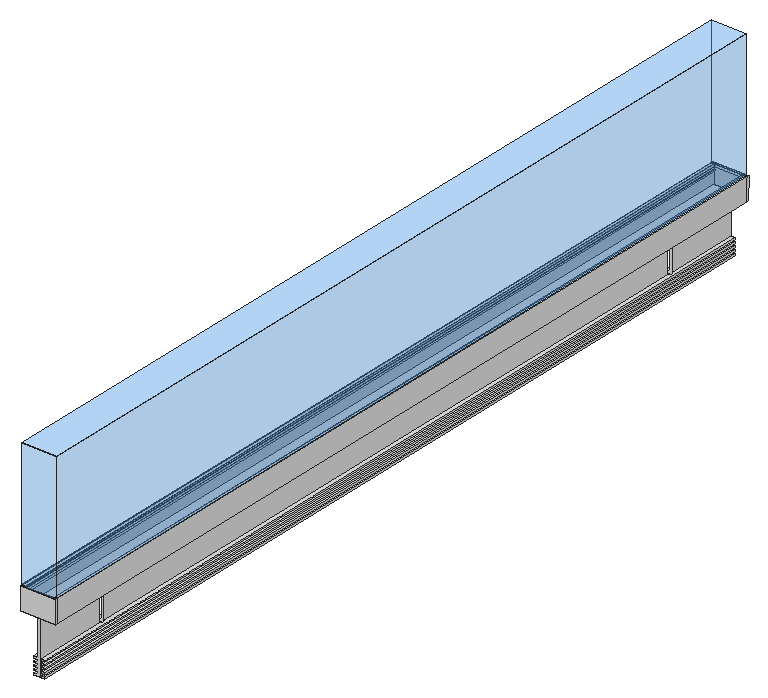
Revit family "TBARLED SMARTLIGHT 15-16_DIRECTIONAL SIGN_REVISED", category Lighting Fixtures, host Face, Revit 2012
Parameters (values of type "2' 15/16 - Directional Sign")
  nu = -0' - 0.608"
  Vo = 0' - 0"
  URL = "http://www.tbarledsmartlight.com/products.php"
  Type Comments = ""
  Tegular Tile [instance] = no
  T [instance] = if(Tegular Tile, 0' 0 5/16", 0' 0")  # 0' - 0"
  Model Created by = ""
  Model = "TBLS-HX-2-24-S-U-W"
  Manufacturer = "JLC-TECH"
  Fixture Length = 2' - 0"
  Description = "T-BAR LED Smartlight 15/16\" - Directional Sign"
  Default Elevation = 4' - 0"
Types (3): name | Vo | Model | Fixture Length
  (no name) | 0' - 0" | "TBLS-HX-2-24-S-U-W" | 2' - 0"
  2' 15/16 - Directional Sign | 0' - 0" | "TBLS-HX-2-24-S-U-W" | 2' - 0"
  4' 15/16 - Directional Sign | 0' - 0 1/16" | "TBLS-HX-4-24-S-U-W" | 4' - 0"
Reference planes (in)
  plane 1 "Center (Front/Back)": y = 0
  plane 2: z = 0
  plane 3 "Center (Left/Right)": x = 0
  plane 4: y = -12
  plane 5: y = 12
  plane 6 "LS": z = 0.62363
  plane 7 "O": z = 0
Dimensions and locks (in)
  equal spacing: plane 4, plane 1 "Center (Front/Back)", plane 5
  "Fixture Length": plane 4 to plane 5
  plane 6 "LS" to nested 1 = 0' - 1.63374"
  locked: plane 6 "LS" to plane 7 "O" at 0.62363
  "T": plane 2 to plane 7 "O"
  nested 1 to nested 1 = 0' - 1.45276"
  aligned and locked: plane 2 to host face
  aligned and locked: level to host face
  aligned and locked: nested 1 to plane 1 "Center (Front/Back)"
  aligned and locked: nested 1 to nested 2  (x2)
Automatic sketch dimensions
  host sketch curve to host sketch curve = 1' - 3.4199"
  host sketch curve to host sketch curve = 4' - 0.6507"
Nested families (in)
  nested 1: "TBARLED_CASING_24" at (0, 0, 0.608) x (1, 0, 0) z (0, 0, -1), Fixture Length <- "Fixture Length", built-in parameter 1001364 <- "nu", type "TBARLED_CASING_24"
    with W-Casing 0' - 0 9/16", Fixture Length 2' - 0"
  nested 2: "TBARLED_POLY SIGN LENS" at (0, 0, 0.59644) x (1, 0, 0) z (0, 0, -1), type "TBARLED_POLY SIGN LENS"
    with Wb 0' - 0.70866", W 0' - 0 15/16", Text Display yes, Sign Text Height 0' - 1 1/2", Sign Text "TBar LED Smart Light", Sign Lens Length 1' - 11 1/32", Lens Text Color none
Definition of nested family "TBARLED_CASING_24"
  Parameters (values of type "TBARLED_CASING_24")
    W-Casing [instance] = 0' - 0 9/16"
    URL = "http://www.tbarledsmartlight.com/products.php"
    Model Created by = "Absolutecg.com"  # constant formula
    Manufacturer = "JLC - TECH"  # constant formula
    Lens Cover [instance] = 1' - 11 1/32"
    H1 = 0' - 2 1/32"  # constant formula
    Fixture Length [instance] = 2' - 0"
    Default Elevation = 4' - 0"
    Casing Material = TBAR-LED Casing Material
  Reference planes (in)
    plane 1 "Center (Front/Back)": y = 0
    plane 2: z = 0
    plane 3 "Center (Left/Right)": x = 0
    plane 4: y = -11.5625
    plane 5: y = 11.5625
    plane 6 "T": z = 2.01181
    plane 7: y = 12
    plane 8: y = -12
    plane 9 "1b": y = 11.51562
    plane 10 "1a": y = -11.51563
    plane 11 "2": y = 9.48437
    plane 12: y = -9.48438
    plane 13: x = 0.47244
    plane 14: x = -0.47244
    plane 15: z = 0.59055
  Forms (in)
    Extrusion 1, solid, material "TBAR-LED Casing Material" <- "Casing Material", detail levels medium+fine
      sketch origin (0, 0, 0) x (1, 0, 0) y (0, 0, 1)
        loop
          line (0.03937, 0.5748) -> (0.03937, 1.57874) -> (0.1378, 1.57874) -> (0.1378, 1.61811) -> (0.03937, 1.61811) -> (0.03937, 1.67717) -> (0.1378, 1.67717) -> (0.1378, 1.71654) -> (0.03937, 1.71654) -> (0.03937, 1.77559) -> (0.1378, 1.77559) -> (0.1378, 1.81496) -> (0.03937, 1.81496) -> (0.03937, 1.87402) -> (0.1378, 1.87402) -> (0.1378, 1.91339) -> (0.03937, 1.91339) -> (0.03937, 1.97244) -> (0.1378, 1.97244) -> (0.1378, 2.01181) -> (-0.1378, 2.01181) -> (-0.1378, 1.97244) -> (-0.03937, 1.97244) -> (-0.03937, 1.91339) -> (-0.1378, 1.91339) -> (-0.1378, 1.87402) -> (-0.03937, 1.87402) -> (-0.03937, 1.81496) -> (-0.1378, 1.81496) -> (-0.1378, 1.77559) -> (-0.03937, 1.77559) -> (-0.03937, 1.71654) -> (-0.1378, 1.71654) -> (-0.1378, 1.67717) -> (-0.03937, 1.67717) -> (-0.03937, 1.61811) -> (-0.1378, 1.61811) -> (-0.1378, 1.57874) -> (-0.03937, 1.57874) -> (-0.03937, 0.57087) -> (-0.07874, 0.57087) -> (-0.07874, 0.5315) -> (-0.11811, 0.5315) -> (-0.11811, 0.57087) -> (-0.15748, 0.57087) -> (-0.15748, 0.5315) -> (-0.19685, 0.5315) -> (-0.19685, 0.57087) -> (-0.23622, 0.57087) -> (-0.23622, 0.5315) -> (-0.27559, 0.5315) -> (-0.27559, 0.57087) -> (-0.31496, 0.57087) -> (-0.31496, 0.5315) -> (-0.35433, 0.5315) -> (-0.35433, 0.57087) -> (-0.3937, 0.57087) -> (-0.3937, 0.5315) -> (-0.43307, 0.5315) -> (-0.43307, 0.59055) -> (-0.47244, 0.59055) -> (-0.47244, 0) -> (-0.38583, 0) -> (-0.38583, 0.03543) -> (-0.41732, 0.03543) -> (-0.41732, 0.12598) -> (-0.38583, 0.12598) -> (-0.38583, 0.16535) -> (-0.41732, 0.16535) -> (-0.41732, 0.48031) -> (0.41732, 0.48031) -> (0.41732, 0.16535) -> (0.38583, 0.16535) -> (0.38583, 0.12598) -> (0.41732, 0.12598) -> (0.41732, 0.03543) -> (0.38583, 0.03543) -> (0.38583, 0) -> (0.47244, 0) -> (0.47244, 0.59055) -> (0.43307, 0.59055) -> (0.43307, 0.5315) -> (0.3937, 0.5315) -> (0.3937, 0.57087) -> (0.35433, 0.57087) -> (0.35433, 0.5315) -> (0.31496, 0.5315) -> (0.31496, 0.57087) -> (0.27559, 0.57087) -> (0.27559, 0.5315) -> (0.23622, 0.5315) -> (0.23622, 0.57087) -> (0.19685, 0.57087) -> (0.19685, 0.5315) -> (0.15748, 0.5315) -> (0.15748, 0.57087) -> (0.11811, 0.57087) -> (0.11811, 0.5315) -> (0.07874, 0.5315) -> (0.07874, 0.57087) -> (0.03937, 0.57087)
      from -11.51563 to 11.51563
    Sweep 2, void
      path origin (0, 9.48437, 0) x (1, 0, 0) y (0, 0, 1)
        loop
          line (0, 0.48031) -> (0, 2.01181)
      profile origin (0, 9.48437, 1.24606) x (-1, 0, 0) y (0, -1, 0)
        loop
          circle (0, 0) r 0.09375
    Sweep 3, void
      path origin (0, -9.48438, 0) x (1, 0, 0) y (0, 0, 1)
        loop
          line (0, 0.48031) -> (0, 2.01181)
      profile origin (0, -9.48438, 1.24606) x (-1, 0, 0) y (0, -1, 0)
        loop
          circle (0, 0) r 0.09375
    Extrusion 4, solid, material "TBAR-LED Casing Material" <- "Casing Material", detail levels coarse
      sketch origin (0, 0, 0) x (1, 0, 0) y (0, 0, 1)
        loop
          line (-0.1378, 2.01181) -> (-0.1378, 1.57874) -> (-0.03937, 1.57874) -> (-0.03937, 0.59055) -> (-0.47244, 0.59055) -> (-0.47244, 0) -> (-0.38583, 0) -> (-0.38583, 0.12598) -> (0.38583, 0.12598) -> (0.38583, 0) -> (0.47244, 0) -> (0.47244, 0.59055) -> (0.03937, 0.59055) -> (0.03937, 1.57874) -> (0.1378, 1.57874) -> (0.1378, 2.01181) -> (-0.1378, 2.01181)
      from -11.51563 to 11.51563
    Extrusion 5, solid, material "TBAR-LED Casing Material" <- "Casing Material"
      sketch origin (0, -11.51563, 0) x (1, 0, 0) y (0, 0, 1)
        loop
          line (-0.47244, 0) -> (0.47244, 0) -> (0.47244, 0.59055) -> (-0.47244, 0.59055) -> (-0.47244, 0)
      from 0 to 0.04688
    Extrusion 6, solid, material "TBAR-LED Casing Material" <- "Casing Material"
      sketch origin (0, 11.66406, 0) x (1, 0, 0) y (0, 0, -1)
        loop
          line (-0.47244, 0) -> (-0.47244, -0.59055) -> (0.47244, -0.59055) -> (0.47244, 0) -> (-0.47244, 0)
      from -0.14844 to -0.10156
  Cuts and joins
    Sweep 2, Sweep 3 cuts Extrusion 1
  Dimensions and locks (in)
    plane 6 "T" to level = 0' - 2.01181"
    equal spacing: plane 4, plane 1 "Center (Front/Back)", plane 5
    locked: plane 7 to plane 5 at 0.4375
    locked: plane 8 to plane 4 at 0.4375
    locked: plane 5 to plane 9 "1b" at 0.04688
    plane 4 to plane 10 "1a" = 0' - 0 3/64"
    "H1": plane 9 "1b" to plane 11 "2"
    "H1": plane 10 "1a" to plane 12
    "Fixture Length": plane 7 to plane 8
    "Lens Cover": plane 10 "1a" to plane 9 "1b"
    aligned and locked: plane 2 to level
    aligned and locked: plane 9 "1b" to Extrusion 1
    aligned and locked: plane 10 "1a" to Extrusion 1
    aligned and locked: plane 6 "T" to Sweep 2 sketch curve
    aligned and locked: Extrusion 1 to Sweep 2 sketch curve
    aligned and locked: plane 9 "1b" to Extrusion 4
    aligned and locked: plane 10 "1a" to Extrusion 4
    aligned and locked: Extrusion 5 sketch curve to Extrusion 4  (x3)
    aligned and locked: cut or joined group of Extrusion 1, Sweep 2, Sweep 3 to Extrusion 5 sketch curve
    aligned and locked: plane 4 to Extrusion 5
    aligned and locked: plane 5 to Extrusion 6
    aligned and locked: Extrusion 6 to plane 9 "1b"
    aligned and locked: cut or joined group of Extrusion 1, Sweep 2, Sweep 3 to Extrusion 6
    aligned and locked: plane 13 to Extrusion 5
    aligned and locked: Extrusion 5 to plane 13
    aligned and locked: plane 13 to Extrusion 4
    aligned and locked: plane 14 to Extrusion 6
    aligned and locked: plane 14 to Extrusion 5
    aligned and locked: plane 15 to Extrusion 5
  Automatic sketch dimensions
    Sweep 3 sketch curve to plane 3 "Center (Left/Right)" = 0' - 0"
    Sweep 3 sketch curve to plane 6 "T" = 0' - 0"
    plane 12 to Sweep 3 sketch curve = 0' - 0"
    Sweep 3 sketch curve to profile plane = 0' - 0"
    Extrusion 4 sketch curve to level = 0' - 0"  (x2)
    Extrusion 4 sketch curve to plane 6 "T" = 0' - 0"
    Extrusion 4 sketch curve to plane 3 "Center (Left/Right)" = 0' - 0.1378"
    Extrusion 4 sketch curve to plane 3 "Center (Left/Right)" = 0' - 0.03937"
    plane 3 "Center (Left/Right)" to Extrusion 4 sketch curve = 0' - 0.03937"
    Extrusion 4 sketch curve to Extrusion 4 sketch curve = 0' - 0.09843"
    Extrusion 4 sketch curve to Extrusion 4 sketch curve = 0' - 0.12598"
    Extrusion 4 sketch curve to plane 6 "T" = 0' - 0.43307"
    Extrusion 4 sketch curve to Extrusion 4 sketch curve = 0' - 0"  (x2)
    Extrusion 6 sketch curve to level = 0' - 0"
    level to Sweep 3 sketch curve = 0' - 0.48031"
    Extrusion 4 sketch curve to Extrusion 4 sketch curve = 0' - 0.46457"
    Extrusion 6 sketch curve to Extrusion 6 sketch curve = 0' - 0.59055"
    Extrusion 1 sketch curve to level = 0' - 0"  (x2)
    Extrusion 1 sketch curve to plane 6 "T" = 0' - 0"
    Extrusion 1 sketch curve to Extrusion 1 sketch curve = 0' - 0.03937"  (x40)
    Extrusion 1 sketch curve to Extrusion 1 sketch curve = 0' - 0.01575"
    Extrusion 1 sketch curve to Extrusion 1 sketch curve = 0' - 0.05512"
    Extrusion 1 sketch curve to Extrusion 1 sketch curve = 0' - 0.0315"  (x4)
    Extrusion 1 sketch curve to plane 3 "Center (Left/Right)" = 0' - 0.1378"  (x3)
    Extrusion 1 sketch curve to Extrusion 1 sketch curve = 0' - 0"  (x22)
    Extrusion 1 sketch curve to plane 3 "Center (Left/Right)" = 0' - 0.03937"  (x5)
    plane 3 "Center (Left/Right)" to Extrusion 1 sketch curve = 0' - 0.03937"  (x3)
    Extrusion 1 sketch curve to Extrusion 1 sketch curve = 0' - 0.09843"
    level to Extrusion 1 sketch curve = 0' - 0.03543"  (x2)
    Extrusion 1 sketch curve to Extrusion 1 sketch curve = 0' - 0.09055"  (x2)
    Extrusion 1 sketch curve to Extrusion 1 sketch curve = 0' - 0.11024"
    Extrusion 1 sketch curve to Extrusion 1 sketch curve = 0' - 0.05118"  (x2)
    Extrusion 1 sketch curve to Extrusion 1 sketch curve = 0' - 0.00394"
    Extrusion 1 sketch curve to plane 6 "T" = 0' - 0.43307"
    Extrusion 1 sketch curve to Extrusion 1 sketch curve = 0' - 0.05906"  (x7)
    Sweep 2 sketch curve to plane 3 "Center (Left/Right)" = 0' - 0"
    plane 11 "2" to Sweep 2 sketch curve = 0' - 0"
    Sweep 2 sketch curve to profile plane = 0' - 0"
    Extrusion 1 sketch curve to Extrusion 1 sketch curve = 0' - 0.11811"
    Extrusion 1 sketch curve to Extrusion 1 sketch curve = 0' - 0.08661"
    Extrusion 4 sketch curve to plane 3 "Center (Left/Right)" = 0' - 0.38583"
    Extrusion 4 sketch curve to Extrusion 4 sketch curve = 0' - 0.08661"  (x2)
    plane 3 "Center (Left/Right)" to Extrusion 4 sketch curve = 0' - 0.38583"
    Extrusion 6 sketch curve to plane 3 "Center (Left/Right)" = 0' - 0.47244"
    plane 3 "Center (Left/Right)" to Extrusion 6 sketch curve = 0' - 0.47244"
    Extrusion 1 sketch curve to Extrusion 1 sketch curve = 0' - 0.31496"
    radius of Sweep 3 sketch curve = 0' - 0 3/32"
    radius of Sweep 2 sketch curve = 0' - 0 3/32"
Definition of nested family "TBARLED_POLY SIGN LENS"
  Parameters (values of type "TBARLED_POLY SIGN LENS")
    Wb [instance] = 0' - 0.70866"
    W [instance] = 0' - 0 9/16"
    URL = "http://www.tbarledsmartlight.com/products.php"
    Text Display [instance] = yes
    Sign Text Height [instance] = 0' - 1 1/2"
    Sign Text [instance] = "TBar LED Smart Light"
    Sign Lens Length [instance] = 2' - 0"
    Model Created by = ""
    Manufacturer = "JLC - TECH"  # constant formula
    Lens Text Color [instance] = none
    Lens Material = TBAR-LED Directional Sign Material
    Default Elevation = 4' - 0"
  Reference planes (in)
    plane 1 "Center (Front/Back)": y = 0
    plane 2: z = 0
    plane 3 "Center (Left/Right)": x = 0
    plane 4: y = -12
    plane 5: y = 12
    plane 6: x = -0.28125
    plane 7: x = 0.28125
    plane 8: z = -3.4252
    plane 9 "SA": x = 0.28125
    plane 10 "SB": x = -0.28125
    plane 11: x = 0.1875
    plane 12: x = -0.1875
  Forms (in)
    Extrusion 1, solid, material "TBAR-LED Directional Sign Material" <- "Lens Material"
      sketch origin (0, -11.51563, 0) x (1, 0, 0) y (0, 0, 1)
        loop
          line (0.1875, 0.03937) -> (-0.1875, 0.03937) -> (-0.1875, -0.01969) -> (-0.28125, -0.01969) -> (-0.28125, -3.4252) -> (0.28125, -3.4252) -> (0.28125, -0.01969) -> (0.1875, -0.01969) -> (0.1875, 0.03937)
      from 0.48437 to -23.51563
  Dimensions and locks (in)
    equal spacing: plane 7, plane 3 "Center (Left/Right)", plane 6
    locked: level to plane 8 at 3.4252
    "Sign Lens Length": plane 4 to plane 5
    equal spacing: plane 4, plane 1 "Center (Front/Back)", plane 5
    "W": plane 10 "SB" to plane 9 "SA"
    equal spacing: plane 9 "SA", plane 3 "Center (Left/Right)", plane 10 "SB"
    equal spacing: plane 11, plane 3 "Center (Left/Right)", plane 12
    locked: plane 6 to plane 12 at 0.09375
    locked: plane 9 "SA" to plane 11 at 0.09375
    aligned and locked: plane 2 to level
    aligned and locked: plane 5 to Extrusion 1
    aligned and locked: plane 4 to Extrusion 1
    aligned and locked: plane 8 to Extrusion 1
    aligned and locked: plane 9 "SA" to Extrusion 1
    aligned and locked: plane 10 "SB" to Extrusion 1
    aligned and locked: plane 12 to Extrusion 1
    aligned and locked: plane 11 to Extrusion 1
  Automatic sketch dimensions
    plane 6 to Extrusion 1 sketch curve = 0' - 0"
    plane 7 to Extrusion 1 sketch curve = 0' - 0"
    Extrusion 1 sketch curve to plane 8 = 0' - 0"
    Extrusion 1 sketch curve to level = 0' - 0.01969"  (x2)
    level to Extrusion 1 sketch curve = 0' - 0.03937"
    Extrusion 1 sketch curve to plane 6 = 0' - 0 3/32"
    Extrusion 1 sketch curve to Extrusion 1 sketch curve = 0' - 0 3/32"
